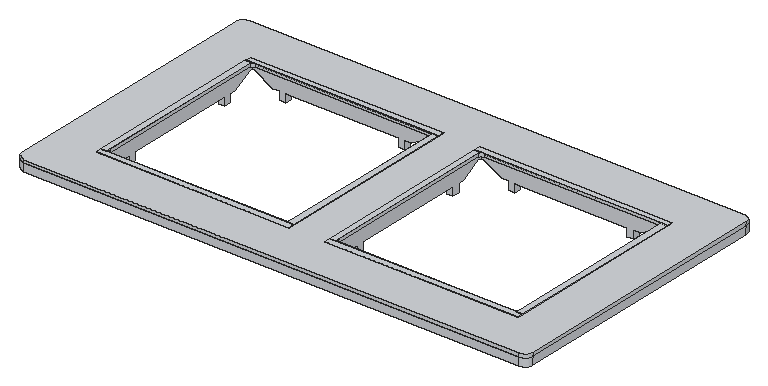
Revit family "Gira_0212295", category Electrical Fixtures, host Face, Revit 2017
Family settings
  Host = Face
  Maintain Annotation Orientation = No
  Round Connector Dimension = Use Diameter
  Part Type = Normal
  Cut with Voids When Loaded = No
  Shared = No
  Room Calculation Point = No
Parameters (values of type "Cov.fr. 2-g flat Gira E2 p.white")
  With mounting grid = "No"
  With hinged lid = "No"
  URL = "http://katalog.gira.de/en/datenblatt.html?artikelnr=0212295"
  Type of fastening = "Clamp mounting"
  Transparent = "No"
  Surface protection = "Other"
  Surface finishing = "Glossy"
  Suitable for wall duct = "No"
  Suitable for flush-mounted installation = "Yes"
  Suitable for floor box = "No"
  Suitable for built-in installation = "No"
  RAL-number (akin) = "9010"
  Number of units vertical = "2"
  Number of units horizontal = "2"
  Number of units = "2"
  Name = "Cov.fr. 2-g flat Gira E2 p.white"
  Mounting direction = "Horizontal and vertical"
  Material quality = "Thermoplastic"
  Material = "Plastic"
  Manufacturer URL = "https://www.gira.de/"
  Manufacturer = "Gira"
  Label space/information surface = "No"
  Keynote = ""
  HeinzeBIM = "https://bimportal.heinze.de/bim/cov-fr-2-g-flat-gira-e2-p-white/feafc31c3952bf6c6894f4466718ac3c6a4255d5"
  Halogen free = "Yes"
  HAN = "0212295"
  GTIN = "4010337022282"
  Description = "Cov.fr.1g flat E2 PW,Gira E2 cover frame for flat installation,pure white glossy,2-gang,"
  Degree of protection (IP) = "IP20"
  Default Elevation = 1219.2 mm
  Data sheet (1) = "https://katalog.gira.de/en/download.html?artikelnr=0212295"
  Colour = "White"
  Category = "Cover frame for domestic switching devices"
  BIM (1) = "https://media.stage.bim.site/public/gira/36a6b08/E2flach_Rahmen_2fach.rfa"
  Available = "No"
Reference planes
  plane 1 "Center (Front/Back)": y = 0
  plane 2: z = 0
  plane 3 "Center (Left/Right)": x = 0
Forms (mm)
  Extrusion 1, solid, detail levels fine
    sketch origin (0, 0, 0) x (1, 0, 0) y (0, 1, 0)
      loop
        arc (-77, 43.9) -> (-78.768, 43.168) -> (-79.5, 41.4) r 2.5
        line (-79.5, 41.4) -> (-79.5, -41.4)
        arc (-79.5, -41.4) -> (-78.768, -43.168) -> (-77, -43.9) r 2.5
        line (-77, -43.9) -> (77, -43.9)
        arc (77, -43.9) -> (78.768, -43.168) -> (79.5, -41.4) r 2.5
        line (79.5, -41.4) -> (79.5, 41.4)
        arc (79.5, 41.4) -> (78.768, 43.168) -> (77, 43.9) r 2.5
        line (77, 43.9) -> (-77, 43.9)
      loop
        spline (-63.744, -27.245) -> (-63.736, -27.363) -> (-63.713, -27.478) -> (-63.675, -27.589) -> (-63.623, -27.695) -> (-63.558, -27.792) -> (-63.481, -27.881) -> (-63.392, -27.958) -> (-63.295, -28.023) -> (-63.189, -28.075) -> (-63.078, -28.113) -> (-62.963, -28.136) -> (-62.845, -28.144)
        line (-62.845, -28.144) -> (-8.355, -28.144)
        spline (-8.355, -28.144) -> (-8.237, -28.136) -> (-8.122, -28.113) -> (-8.011, -28.075) -> (-7.905, -28.023) -> (-7.808, -27.958) -> (-7.719, -27.881) -> (-7.642, -27.792) -> (-7.577, -27.695) -> (-7.525, -27.589) -> (-7.487, -27.478) -> (-7.464, -27.363) -> (-7.456, -27.245)
        line (-7.456, -27.245) -> (-7.456, 27.245)
        spline (-7.456, 27.245) -> (-7.464, 27.363) -> (-7.487, 27.478) -> (-7.525, 27.589) -> (-7.577, 27.695) -> (-7.642, 27.792) -> (-7.719, 27.881) -> (-7.808, 27.958) -> (-7.905, 28.023) -> (-8.011, 28.075) -> (-8.122, 28.113) -> (-8.237, 28.136) -> (-8.355, 28.144)
        line (-8.355, 28.144) -> (-62.845, 28.144)
        spline (-62.845, 28.144) -> (-62.963, 28.136) -> (-63.078, 28.113) -> (-63.189, 28.075) -> (-63.295, 28.023) -> (-63.392, 27.958) -> (-63.481, 27.881) -> (-63.558, 27.792) -> (-63.623, 27.695) -> (-63.675, 27.589) -> (-63.713, 27.478) -> (-63.736, 27.363) -> (-63.744, 27.245)
        line (-63.744, 27.245) -> (-63.744, -27.245)
      loop
        spline (62.845, -28.144) -> (62.963, -28.136) -> (63.078, -28.113) -> (63.189, -28.075) -> (63.295, -28.023) -> (63.392, -27.958) -> (63.481, -27.881) -> (63.558, -27.792) -> (63.623, -27.695) -> (63.675, -27.589) -> (63.713, -27.478) -> (63.736, -27.363) -> (63.744, -27.245)
        line (63.744, -27.245) -> (63.744, 27.245)
        spline (63.744, 27.245) -> (63.736, 27.363) -> (63.713, 27.478) -> (63.675, 27.589) -> (63.623, 27.695) -> (63.558, 27.792) -> (63.481, 27.881) -> (63.392, 27.958) -> (63.295, 28.023) -> (63.189, 28.075) -> (63.078, 28.113) -> (62.963, 28.136) -> (62.845, 28.144)
        line (62.845, 28.144) -> (8.355, 28.144)
        spline (8.355, 28.144) -> (8.237, 28.136) -> (8.122, 28.113) -> (8.011, 28.075) -> (7.905, 28.023) -> (7.808, 27.958) -> (7.719, 27.881) -> (7.642, 27.792) -> (7.577, 27.695) -> (7.525, 27.589) -> (7.487, 27.478) -> (7.464, 27.363) -> (7.456, 27.245)
        line (7.456, 27.245) -> (7.456, -27.245)
        spline (7.456, -27.245) -> (7.464, -27.363) -> (7.487, -27.478) -> (7.525, -27.589) -> (7.577, -27.695) -> (7.642, -27.792) -> (7.719, -27.881) -> (7.808, -27.958) -> (7.905, -28.023) -> (8.011, -28.075) -> (8.122, -28.113) -> (8.237, -28.136) -> (8.355, -28.144)
        line (8.355, -28.144) -> (62.845, -28.144)
    from 2.5 to 3.4
  Extrusion 2, solid, detail levels fine
    sketch origin (0, 0, 0) x (1, 0, 0) y (0, 1, 0)
      loop
        arc (-77, 43.9) -> (-78.768, 43.168) -> (-79.5, 41.4) r 2.5
        line (-79.5, 41.4) -> (-79.5, -41.4)
        arc (-79.5, -41.4) -> (-78.768, -43.168) -> (-77, -43.9) r 2.5
        line (-77, -43.9) -> (77, -43.9)
        arc (77, -43.9) -> (78.768, -43.168) -> (79.5, -41.4) r 2.5
        line (79.5, -41.4) -> (79.5, 41.4)
        arc (79.5, 41.4) -> (78.768, 43.168) -> (77, 43.9) r 2.5
        line (77, 43.9) -> (-77, 43.9)
      loop
        arc (-77, 43.4) -> (-78.414, 42.814) -> (-79, 41.4) r 2
        line (-79, 41.4) -> (-79, -41.4)
        arc (-79, -41.4) -> (-78.414, -42.814) -> (-77, -43.4) r 2
        line (-77, -43.4) -> (77, -43.4)
        arc (77, -43.4) -> (78.414, -42.814) -> (79, -41.4) r 2
        line (79, -41.4) -> (79, 41.4)
        arc (79, 41.4) -> (78.414, 42.814) -> (77, 43.4) r 2
        line (77, 43.4) -> (-77, 43.4)
    from 0 to 2.5
  Extrusion 3, solid, detail levels fine
    sketch origin (-35.6, 0, 0) x (1, 0, 0) y (0, 0, 1)
      loop
        line (-17.5, -4.06) -> (-17.5, -1.56) -> (17.5, -1.56) -> (17.5, -4.06) -> (19.5, -4.06) -> (19.5, -1.56) -> (21.654, -1.56) -> (27.214, 1.65) -> (30, 1.65) -> (30, 3.4) -> (-30, 3.4) -> (-30, 1.65) -> (-27.214, 1.65) -> (-21.654, -1.56) -> (-19.5, -1.56) -> (-19.5, -4.06) -> (-17.5, -4.06)
    from 28.144 to 30
  Extrusion 4, solid, detail levels fine
    sketch origin (-35.6, 0, 0) x (0, -1, 0) y (0, 0, -1)
      loop
        line (-17.5, 4.06) -> (-19.5, 4.06) -> (-19.5, 1.56) -> (-21.654, 1.56) -> (-27.214, -1.65) -> (-28.144, -1.65) -> (-28.144, -3.4) -> (28.144, -3.4) -> (28.144, -1.65) -> (27.214, -1.65) -> (21.654, 1.56) -> (19.5, 1.56) -> (19.5, 4.06) -> (17.5, 4.06) -> (17.5, 1.56) -> (-17.5, 1.56) -> (-17.5, 4.06)
    from 28.144 to 30
  Extrusion 5, solid, detail levels medium
    sketch origin (-35.6, 0, 0) x (0, -1, 0) y (0, 0, 1)
      loop
        line (-17.5, -4.06) -> (-17.5, -1.56) -> (17.5, -1.56) -> (17.5, -4.06) -> (19.5, -4.06) -> (19.5, -1.56) -> (28.144, -1.56) -> (28.144, 3.4) -> (-28.144, 3.4) -> (-28.144, -1.56) -> (-19.5, -1.56) -> (-19.5, -4.06) -> (-17.5, -4.06)
    from 28.144 to 30
  Extrusion 6, solid, detail levels fine
    sketch origin (-35.6, 0, 0) x (1, 0, 0) y (0, 0, -1)
      loop
        line (-17.5, 4.06) -> (-19.5, 4.06) -> (-19.5, 1.56) -> (-21.654, 1.56) -> (-27.214, -1.65) -> (-30, -1.65) -> (-30, -3.4) -> (30, -3.4) -> (30, -1.65) -> (27.214, -1.65) -> (21.654, 1.56) -> (19.5, 1.56) -> (19.5, 4.06) -> (17.5, 4.06) -> (17.5, 1.56) -> (-17.5, 1.56) -> (-17.5, 4.06)
    from 28.144 to 30
  Extrusion 7, solid, detail levels coarse
    sketch origin (0, 0, 0) x (1, 0, 0) y (0, 1, 0)
      loop
        line (-79.5, 43.9) -> (-79.5, -43.9) -> (79.5, -43.9) -> (79.5, 43.9) -> (-79.5, 43.9)
    from -4.06 to 3.4
  Extrusion 8, solid, detail levels medium
    sketch origin (0, 0, 0) x (1, 0, 0) y (0, 1, 0)
      loop
        line (-79.5, 43.9) -> (-79.5, -43.9) -> (79.5, -43.9) -> (79.5, 43.9) -> (-79.5, 43.9)
    from 0 to 3.4
  Extrusion 9, solid, detail levels medium
    sketch origin (-35.6, 0, 0) x (1, 0, 0) y (0, 0, 1)
      loop
        line (-17.5, -4.06) -> (-17.5, -1.56) -> (17.5, -1.56) -> (17.5, -4.06) -> (19.5, -4.06) -> (19.5, -1.56) -> (30, -1.56) -> (30, 3.4) -> (-30, 3.4) -> (-30, -1.56) -> (-19.5, -1.56) -> (-19.5, -4.06) -> (-17.5, -4.06)
    from 28.144 to 30
  Extrusion 10, solid, detail levels medium
    sketch origin (-35.6, 0, 0) x (1, 0, 0) y (0, 0, -1)
      loop
        line (-17.5, 4.06) -> (-19.5, 4.06) -> (-19.5, 1.56) -> (-30, 1.56) -> (-30, -3.4) -> (30, -3.4) -> (30, 1.56) -> (19.5, 1.56) -> (19.5, 4.06) -> (17.5, 4.06) -> (17.5, 1.56) -> (-17.5, 1.56) -> (-17.5, 4.06)
    from 28.144 to 30
  Extrusion 11, solid, detail levels medium
    sketch origin (-35.6, 0, 0) x (0, -1, 0) y (0, 0, -1)
      loop
        line (-17.5, 4.06) -> (-19.5, 4.06) -> (-19.5, 1.56) -> (-28.144, 1.56) -> (-28.144, -3.4) -> (28.144, -3.4) -> (28.144, 1.56) -> (19.5, 1.56) -> (19.5, 4.06) -> (17.5, 4.06) -> (17.5, 1.56) -> (-17.5, 1.56) -> (-17.5, 4.06)
    from 28.144 to 30
  Extrusion 12, solid, detail levels fine
    sketch origin (35.6, 0, 0) x (-1, 0, 0) y (0, 0, -1)
      loop
        line (-17.5, 4.06) -> (-19.5, 4.06) -> (-19.5, 1.56) -> (-21.654, 1.56) -> (-27.214, -1.65) -> (-30, -1.65) -> (-30, -3.4) -> (30, -3.4) -> (30, -1.65) -> (27.214, -1.65) -> (21.654, 1.56) -> (19.5, 1.56) -> (19.5, 4.06) -> (17.5, 4.06) -> (17.5, 1.56) -> (-17.5, 1.56) -> (-17.5, 4.06)
    from 28.144 to 30
  Extrusion 13, solid, detail levels fine
    sketch origin (35.6, 0, 0) x (0, -1, 0) y (0, 0, 1)
      loop
        line (-17.5, -4.06) -> (-17.5, -1.56) -> (17.5, -1.56) -> (17.5, -4.06) -> (19.5, -4.06) -> (19.5, -1.56) -> (21.654, -1.56) -> (27.214, 1.65) -> (28.144, 1.65) -> (28.144, 3.4) -> (-28.144, 3.4) -> (-28.144, 1.65) -> (-27.214, 1.65) -> (-21.654, -1.56) -> (-19.5, -1.56) -> (-19.5, -4.06) -> (-17.5, -4.06)
    from 28.144 to 30
  Extrusion 14, solid, detail levels medium
    sketch origin (35.6, 0, 0) x (0, -1, 0) y (0, 0, -1)
      loop
        line (-17.5, 4.06) -> (-19.5, 4.06) -> (-19.5, 1.56) -> (-28.144, 1.56) -> (-28.144, -3.4) -> (28.144, -3.4) -> (28.144, 1.56) -> (19.5, 1.56) -> (19.5, 4.06) -> (17.5, 4.06) -> (17.5, 1.56) -> (-17.5, 1.56) -> (-17.5, 4.06)
    from 28.144 to 30
  Extrusion 15, solid, detail levels fine
    sketch origin (35.6, 0, 0) x (-1, 0, 0) y (0, 0, 1)
      loop
        line (-17.5, -4.06) -> (-17.5, -1.56) -> (17.5, -1.56) -> (17.5, -4.06) -> (19.5, -4.06) -> (19.5, -1.56) -> (21.654, -1.56) -> (27.214, 1.65) -> (30, 1.65) -> (30, 3.4) -> (-30, 3.4) -> (-30, 1.65) -> (-27.214, 1.65) -> (-21.654, -1.56) -> (-19.5, -1.56) -> (-19.5, -4.06) -> (-17.5, -4.06)
    from 28.144 to 30
  Extrusion 16, solid, detail levels medium
    sketch origin (35.6, 0, 0) x (-1, 0, 0) y (0, 0, -1)
      loop
        line (-17.5, 4.06) -> (-19.5, 4.06) -> (-19.5, 1.56) -> (-30, 1.56) -> (-30, -3.4) -> (30, -3.4) -> (30, 1.56) -> (19.5, 1.56) -> (19.5, 4.06) -> (17.5, 4.06) -> (17.5, 1.56) -> (-17.5, 1.56) -> (-17.5, 4.06)
    from 28.144 to 30
  Extrusion 17, solid, detail levels medium
    sketch origin (35.6, 0, 0) x (-1, 0, 0) y (0, 0, 1)
      loop
        line (-17.5, -4.06) -> (-17.5, -1.56) -> (17.5, -1.56) -> (17.5, -4.06) -> (19.5, -4.06) -> (19.5, -1.56) -> (30, -1.56) -> (30, 3.4) -> (-30, 3.4) -> (-30, -1.56) -> (-19.5, -1.56) -> (-19.5, -4.06) -> (-17.5, -4.06)
    from 28.144 to 30
  Extrusion 18, solid, detail levels medium
    sketch origin (35.6, 0, 0) x (0, -1, 0) y (0, 0, 1)
      loop
        line (-17.5, -4.06) -> (-17.5, -1.56) -> (17.5, -1.56) -> (17.5, -4.06) -> (19.5, -4.06) -> (19.5, -1.56) -> (28.144, -1.56) -> (28.144, 3.4) -> (-28.144, 3.4) -> (-28.144, -1.56) -> (-19.5, -1.56) -> (-19.5, -4.06) -> (-17.5, -4.06)
    from 28.144 to 30
  Extrusion 19, solid, detail levels fine
    sketch origin (-93.744, 0, 0) x (0, -1, 0) y (0, 0, -1)
      loop
        line (-17.5, 4.06) -> (-19.5, 4.06) -> (-19.5, 1.56) -> (-21.654, 1.56) -> (-27.214, -1.65) -> (-28.144, -1.65) -> (-28.144, -3.4) -> (28.144, -3.4) -> (28.144, -1.65) -> (27.214, -1.65) -> (21.654, 1.56) -> (19.5, 1.56) -> (19.5, 4.06) -> (17.5, 4.06) -> (17.5, 1.56) -> (-17.5, 1.56) -> (-17.5, 4.06)
    from 28.144 to 30
  Extrusion 20, solid, detail levels fine
    sketch origin (93.744, 0, 0) x (0, -1, 0) y (0, 0, 1)
      loop
        line (-17.5, -4.06) -> (-17.5, -1.56) -> (17.5, -1.56) -> (17.5, -4.06) -> (19.5, -4.06) -> (19.5, -1.56) -> (21.654, -1.56) -> (27.214, 1.65) -> (28.144, 1.65) -> (28.144, 3.4) -> (-28.144, 3.4) -> (-28.144, 1.65) -> (-27.214, 1.65) -> (-21.654, -1.56) -> (-19.5, -1.56) -> (-19.5, -4.06) -> (-17.5, -4.06)
    from 28.144 to 30
Dimensions and locks
  aligned and locked: plane 2 to host face
  aligned and locked: level to host face
